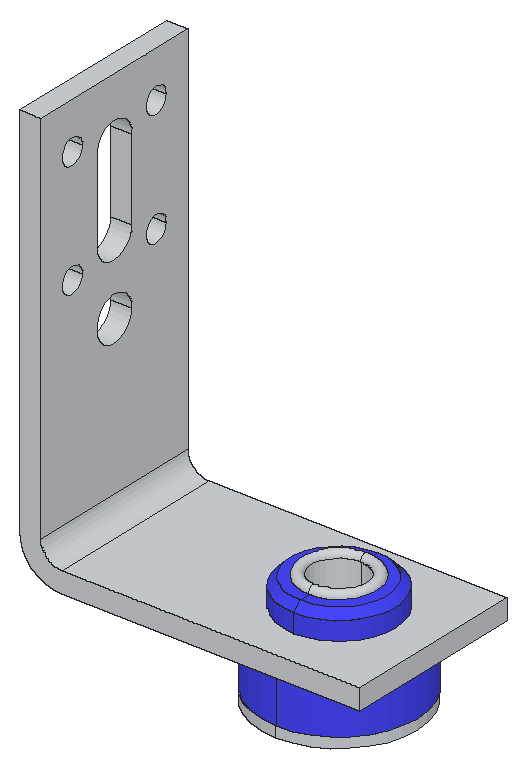
Revit family "Kanalhalter SD-LSK", category HLS-Bauteile, Revit 2017
Family settings
  Bemaßung runder Anschluss = Durchmesser verwenden
  Teiletyp = Normal
  Arbeitsebenenbasiert = Ja
  Immer vertikal = Nein
  Beim Laden mit Abzugskörper schneiden = Nein
  Gemeinsam genutzt = Ja
  Raumberechnungspunkt = Nein
Parameters
  vpe = "50 St"
  max. zul. Last stehend = 0.00 kN
  max. zul. Last hängend = 0.80 kN
  max. Temperaturbeständigkeit = "100 °C"
  Default Elevation = 1219.2 mm
  Stärke Material = 5 mm
  Schalldämmeinlage = "Gummi SBR"
  Regelhalter [instance] = ""
  Mengeneinheit = "St"
  Länge = 65 mm
  Kurztext2 = "Höhe 80 mm Gummi genietet"
  Kurztext1 = "Kanalhalter LSK (Steigkanal)"
  Höhe = "80 mm"
  Gewicht pro Bauteil = Gewicht  # 0.169 kg
  Gewicht = 0.169 kg
  Firma = "MEFA Befestigungs- und Montagesysteme GmbH"
  Fabrikat = "MEFA"
  EAN = "4250928446992"
  Dämmelementtyp = "genietet"
  Breite Material = "35 mm"
  Bauart = "L"
  Ausführung = "schwer"
  Artikelnummer = "9998376"
  Anschluss = "M8/M10"
Reference planes
  plane 1 "Mitte (Vorne/hinten)": y = 0
  plane 2: z = 0
  plane 3 "Mitte (Links/rechts)": x = 0
Dimensions and locks
  aligned and locked: level to plane 2
  aligned and locked: level to nested 2
  aligned and locked: plane 3 "Mitte (Links/rechts)" to nested 5
  aligned and locked: nested 5 to level
Nested families
  nested 1: "Unterlegscheibe f. Kanalhalter" at (46.959, 0, -5.319) x (0, 1, 0) z (0, 0, -1), type "Unterlegscheibe 12x20x1,5"
  nested 2: "Gummipuffer für SD" at (47, 0, -10) x (0, -1, 0) z (1, 0, 0), type "Gummipuffer für SD"
  nested 3: "Unterlegscheibe f. Kanalhalter" at (46.959, 0, -10) x (0, 1, 0) z (0, 0, -1), type "Unterlegscheibe 12x30x2,0"
  nested 4: "Rohrniete DIN 7340" at (46.959, 0, -2.042) x (0, 1, 0) z (1, 0, 0), type "Rohrniete DIN 7340 11,5 (0009904) lang"
  nested 5: "Kanalhalter SD-LSK" at (0, 0, 0), type "MEFA Kanalhalterwinkel LSN L= 80"
Definition of nested family "Unterlegscheibe f. Kanalhalter"
  Parameters (values of type "Unterlegscheibe 10,5x25x2,0")
    Default Elevation = 1219.2 mm
    Regelhalter [instance] = ""
    Länge = 2 mm
    Firma = "MEFA Befestigungs- und Montagesysteme GmbH"
    D0 = 10.5 mm
    D = 25 mm
    Artikelnummer = ""
  Types (3, lengths in mm): name | Länge | D0 | D
    Unterlegscheibe 10,5x25x2,0 | 2 | 10.5 | 25
    Unterlegscheibe 12x30x2,0 | 2 | 12 | 30
    Unterlegscheibe 12x20x1,5 | 1.5 | 12 | 20
  Reference planes
    plane 1 "Mitte (Vorne/hinten)": y = 0
    plane 2: z = 0
    plane 3 "Mitte (Links/rechts)": x = 0
    plane 4: z = 2
  Forms (mm)
    Extrusion 1, solid
      sketch origin (0, 0, 0) x (1, 0, 0) y (0, 1, 0)
        loop
          circle (0, 0) r 12.5
      from 0 to 2
    Extrusion 2, void
      sketch origin (0, 0, 0) x (1, 0, 0) y (0, 1, 0)
        loop
          circle (0, 0) r 5.25
      from 0 to 2
  Cuts and joins
    Extrusion 2 cuts Extrusion 1
  Lines and regions (mm)
    model lines, not visible
      curve 1: line (9.299, 0, 2) -> (-10.701, 0, 2)
      curve 2: line (0, 15.717, 2) -> (0, -4.283, 2)
      curve 3: line (0, 10.717, 0) -> (0, -9.283, 0)
      curve 4: line (6.799, 0, 0) -> (-13.201, 0, 0)
      curve 5: line (0, 0, 69.337) -> (0, 0, -112.663)
  Dimensions and locks
    "Länge": level to plane 4
    "D": diameter of Extrusion 1 sketch curve
    "D0": diameter of Extrusion 2 sketch curve
    aligned and locked: level to plane 2
    aligned and locked: Extrusion 1 to level
    aligned and locked: Extrusion 1 to curve 1
    aligned and locked: plane 4 to Extrusion 1
    aligned and locked: curve 2 to plane 4
    aligned and locked: curve 3 to level
    aligned and locked: curve 4 to level
    aligned and locked: plane 3 "Mitte (Links/rechts)" to curve 5
    aligned and locked: curve 5 to plane 1 "Mitte (Vorne/hinten)"
    aligned and locked: Extrusion 1 to Extrusion 2
    aligned and locked: Extrusion 2 to level
  Automatic sketch dimensions
    plane 1 "Mitte (Vorne/hinten)" to curve 2 = 4.283 mm
    plane 1 "Mitte (Vorne/hinten)" to curve 3 = 9.283 mm
    curve 3 to plane 1 "Mitte (Vorne/hinten)" = 10.717 mm
    curve 2 to plane 1 "Mitte (Vorne/hinten)" = 15.717 mm
    curve 4 to plane 3 "Mitte (Links/rechts)" = 13.201 mm
    curve 1 to plane 3 "Mitte (Links/rechts)" = 10.701 mm
    plane 3 "Mitte (Links/rechts)" to curve 4 = 6.799 mm
    plane 3 "Mitte (Links/rechts)" to curve 1 = 9.299 mm
    curve 5 to level = 112.663 mm
    plane 4 to curve 5 = 67.337 mm
    plane 1 "Mitte (Vorne/hinten)" to Extrusion 1 sketch curve = 0 mm
    Extrusion 1 sketch curve to plane 3 "Mitte (Links/rechts)" = 0 mm
    plane 1 "Mitte (Vorne/hinten)" to Extrusion 2 sketch curve = 0 mm
    Extrusion 2 sketch curve to plane 3 "Mitte (Links/rechts)" = 0 mm
Definition of nested family "Gummipuffer für SD"
  Parameters (values of type "Gummipuffer für SD")
    Default Elevation = 1219.2 mm
    Regelhalter [instance] = ""
  Reference planes
    plane 1 "Mitte (Vorne/hinten)": y = 0
    plane 2: z = 0
    plane 3 "Mitte (Links/rechts)": x = 0
  Forms (mm)
    Revolve 1, solid
      sketch origin (0, 0, 0) x (1, 0, 0) y (0, 1, 0)
        loop
          line (-12, 0) -> (-12, 3) -> (-6, 3) -> (-6, 19) -> (-9.25, 19) -> (-10.75, 17.5) -> (-10.75, 14) -> (-8.5, 14) -> (-8.5, 10) -> (-15, 10) -> (-15, 0) -> (-12, 0)
        axis (0, 0) -> (0, 19)
      angle from 0 to 360
  Dimensions and locks
    aligned and locked: level to plane 2
Definition of nested family "Rohrniete DIN 7340"
  Parameters (values of type "Rohrniete DIN 7340 11,5 (0009904) lang")
    Default Elevation = 1219.2 mm
    Regelhalter [instance] = ""
    Firma = "MEFA Befestigungs- und Montagesysteme GmbH"
    D = 5.75 mm
  Types (3, lengths in mm): name | D
    Rohrniete DIN 7340 11,5 (0009904) | 5.75
    Rohrniete DIN 7340 10 (0009903) | 5
    Rohrniete DIN 7340 11,5 (0009904) lang | 5.75
  Reference planes
    plane 1 "Mitte (Vorne/hinten)": y = 0
    plane 2: z = 0
    plane 3 "Mitte (Links/rechts)": x = 0
  Forms (mm)
    Revolve 1, solid
      sketch origin (0, 0, 0) x (1, 0, 0) y (0, 1, 0)
        loop
          line (-5.75, 11.25) -> (-5.75, -11.25) -> (-7.25, -11.25)
          arc (-7.25, -11.25) -> (-6.227, -12.273) -> (-5.204, -11.25) r 1.023
          line (-5.204, -11.25) -> (-5.204, 11.25)
          arc (-5.204, 11.25) -> (-6.204, 12.25) -> (-7.204, 11.25) r 1
          line (-7.204, 11.25) -> (-5.75, 11.25)
        axis (0, 11.25) -> (0, -11.25)
      angle from 0 to 360
  Dimensions and locks
    "D": Revolve 1 sketch curve to Revolve 1 sketch curve
    aligned and locked: level to plane 2
  Automatic sketch dimensions
    Revolve 1 sketch curve to plane 3 "Mitte (Links/rechts)" = 0 mm
    Revolve 1 sketch curve to Revolve 1 sketch curve = 0.454 mm
    Revolve 1 sketch curve to Revolve 1 sketch curve = 0.477 mm
    Revolve 1 sketch curve to Revolve 1 sketch curve = 1 mm
    plane 1 "Mitte (Vorne/hinten)" to Revolve 1 sketch curve = 11.25 mm
    Revolve 1 sketch curve to plane 1 "Mitte (Vorne/hinten)" = 11.25 mm
    Revolve 1 sketch curve to Revolve 1 sketch curve = 1.326 mm
    Revolve 1 sketch curve to Revolve 1 sketch curve = 1.174 mm
Definition of nested family "Kanalhalter SD-LSK"
  Parameters (values of type "MEFA Kanalhalterwinkel LSN L= 80")
    Default Elevation = 1219.2 mm
    Firma = "MEFA Befestigungs- und Montagesysteme GmbH"
  Reference planes
    plane 1 "Mitte (Vorne/hinten)": y = 0
    plane 2: z = 0
    plane 3 "Mitte (Links/rechts)": x = 0
  Forms (mm)
    Extrusion 1, solid
      sketch origin (0, 0, 0) x (1, 0, 0) y (0, 0, 1)
        loop
          arc (0, 8) -> (2.343, 2.343) -> (8, 0) r 8
          line (8, 0) -> (65, 0) -> (65, 4) -> (8, 4)
          arc (8, 4) -> (5.172, 5.172) -> (4, 8) r 4
          line (4, 8) -> (4, 80) -> (0, 80) -> (0, 8)
      from -17.5 to 17.5
    Extrusion 2, void
      sketch origin (0, 0, 0) x (0, 1, 0) y (0, 0, 1)
        loop
          circle (10, 71) r 2.5
        loop
          circle (10, 49) r 2.5
        loop
          circle (-10, 71) r 2.5
        loop
          circle (-10, 49) r 2.5
        loop
          circle (0, 38) r 4.25
        loop
          arc (4.25, 67.75) -> (0, 72) -> (-4.25, 67.75) r 4.25
          line (-4.25, 67.75) -> (-4.25, 52.25)
          arc (-4.25, 52.25) -> (0, 48) -> (4.25, 52.25) r 4.25
          line (4.25, 52.25) -> (4.25, 67.75)
      from 0 to 10
    Extrusion 3, void
      sketch origin (21.923, 0, 0) x (1, 0, 0) y (0, 1, 0)
        loop
          circle (23, 0) r 9
      from 0 to 10
  Cuts and joins
    Extrusion 2, Extrusion 3 cuts Extrusion 1
  Dimensions and locks
    aligned and locked: level to plane 2
